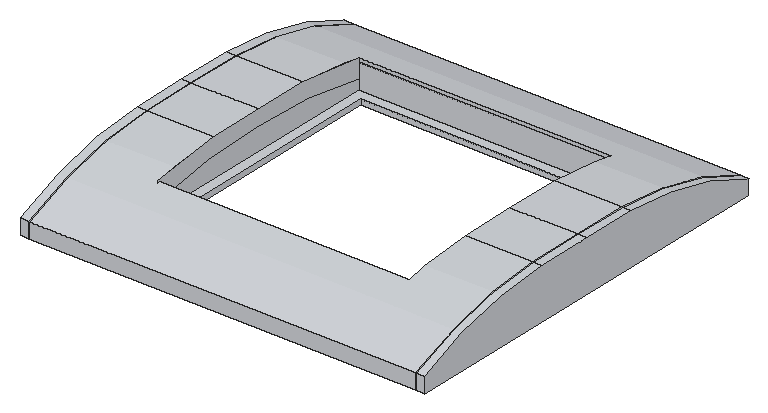
Revit family "Gira_0211733", category Electrical Fixtures, host Face, Revit 2017
Family settings
  Host = Face
  Maintain Annotation Orientation = No
  Round Connector Dimension = Use Diameter
  Part Type = Normal
  Cut with Voids When Loaded = No
  Shared = No
  Room Calculation Point = No
Parameters (values of type "Cov.fr. 1-g interm.fr. PW Gira Event Clear black")
  URL = "http://katalog.gira.de/en/datenblatt.html?artikelnr=0211733"
  Transparent = "No"
  Name = "Cov.fr. 1-g interm.fr. PW Gira Event Clear black"
  Manufacturer URL = "https://www.gira.de/"
  Manufacturer = "Gira"
  Label space/information surface = "No"
  Keynote = ""
  HeinzeBIM = "https://bimportal.heinze.de/bim/cov-fr-1-g-interm-fr-pw-gira-event-clear-black/39662db09747aa0a77a598c68d48e039478425cf"
  HAN = "0211733"
  GTIN = "4010337068808"
  Description = "Cov.fr.1g i.fr.PW EvCl BK,Gira Event Clear cover frame,black with pure white glossy intermediate frame,1-gang,Features:,- Shatter-proof."
  Default Elevation = 1219.2 mm
  Data sheet (1) = "https://katalog.gira.de/en/download.html?artikelnr=0211733"
  Category = "Cover frame for domestic switching devices"
  BIM (1) = "https://media.stage.bim.site/public/gira/36a6b08/Event_Rahmen_1fach.rfa"
  Available = "No"
Reference planes
  plane 1 "Center (Front/Back)": y = 0
  plane 2: z = 0
  plane 3 "Center (Left/Right)": x = 0
Forms (mm)
  Extrusion 1, solid, detail levels fine
    sketch origin (0, 0, 1.55) x (0, 1, 0) y (0, 0, 1)
      loop
        arc (12.445, 9.683) -> (6.223, 9.833) -> (0, 9.85) r 291.636
        arc (0, 9.85) -> (-6.223, 9.833) -> (-12.445, 9.683) r 291.636
        arc (-12.445, 9.683) -> (-29.14, 7.482) -> (-45, 1.823) r 79.728
        line (-45, 1.823) -> (-45, -1.55) -> (-41.777, -1.55) -> (-41.777, -0.55)
        arc (-41.777, -0.55) -> (-21.205, 4.846) -> (0, 6.467) r 118.15
        arc (0, 6.467) -> (21.205, 4.846) -> (41.777, -0.55) r 118.15
        line (41.777, -0.55) -> (41.777, -1.55) -> (45, -1.55) -> (45, 1.823)
        arc (45, 1.823) -> (29.14, 7.482) -> (12.445, 9.683) r 79.728
    from -43 to 43
  Extrusion 2, void, detail levels fine
    sketch origin (0, 0, 0) x (1, 0, 0) y (0, 1, 0)
      loop
        line (-28, -28) -> (28, -28) -> (28, 28) -> (-28, 28) -> (-28, -28)
    from 2.85 to 12
  Extrusion 3, solid, detail levels coarse
    sketch origin (0, 0, 0) x (1, 0, 0) y (0, 1, 0)
      loop
        line (-45, 45) -> (-45, -45) -> (45, -45) -> (45, 45) -> (-45, 45)
    from 0 to 11.4
  Extrusion 4, solid, detail levels medium
    sketch origin (0, 0, 1.55) x (0, 1, 0) y (0, 0, 1)
      loop
        arc (12.445, 9.683) -> (6.223, 9.833) -> (0, 9.85) r 291.636
        arc (0, 9.85) -> (-6.223, 9.833) -> (-12.445, 9.683) r 291.636
        arc (-12.445, 9.683) -> (-29.14, 7.482) -> (-45, 1.823) r 79.728
        line (-45, 1.823) -> (-45, -1.55) -> (45, -1.55) -> (45, 1.823)
        arc (45, 1.823) -> (29.14, 7.482) -> (12.445, 9.683) r 79.728
    from -45 to 45
  Extrusion 5, solid, detail levels fine
    sketch origin (0, 0, 0) x (0, 1, 0) y (0, 0, 1)
      loop
        arc (45, 3.373) -> (29.14, 9.032) -> (12.445, 11.233) r 79.728
        arc (12.445, 11.233) -> (6.223, 11.383) -> (0, 11.4) r 291.636
        arc (0, 11.4) -> (-6.223, 11.383) -> (-12.445, 11.233) r 291.636
        arc (-12.445, 11.233) -> (-29.14, 9.032) -> (-45, 3.373) r 79.728
        line (-45, 3.373) -> (-45, 0) -> (45, 0) -> (45, 3.373)
    from 43 to 45
  Extrusion 6, solid, detail levels fine
    sketch origin (0, 0, 0) x (0, 1, 0) y (0, 0, -1)
      loop
        line (45, -3.373) -> (45, 0) -> (-45, 0) -> (-45, -3.373)
        arc (-45, -3.373) -> (-29.14, -9.032) -> (-12.445, -11.233) r 79.728
        arc (-12.445, -11.233) -> (-6.223, -11.383) -> (0, -11.4) r 291.636
        arc (0, -11.4) -> (6.223, -11.383) -> (12.445, -11.233) r 291.636
        arc (12.445, -11.233) -> (29.14, -9.032) -> (45, -3.373) r 79.728
    from 43 to 45
  Extrusion 7, solid, detail levels fine
    sketch origin (0, 0, 0) x (1, 0, 0) y (0, 1, 0)
      loop
        line (-25.7, 25.7) -> (-25.7, -25.7) -> (25.7, -25.7) -> (25.7, 25.7) -> (-25.7, 25.7)
      loop
        line (-29.495, 27.895) -> (-29.495, -27.895)
        spline (-29.495, -27.895) -> (-29.486, -28.025) -> (-29.461, -28.154) -> (-29.419, -28.278) -> (-29.361, -28.395) -> (-29.288, -28.504) -> (-29.202, -28.602) -> (-29.104, -28.688) -> (-28.995, -28.761) -> (-28.878, -28.819) -> (-28.754, -28.861) -> (-28.625, -28.886) -> (-28.495, -28.895)
        line (-28.495, -28.895) -> (28.495, -28.895)
        spline (28.495, -28.895) -> (28.625, -28.886) -> (28.754, -28.861) -> (28.878, -28.819) -> (28.995, -28.761) -> (29.104, -28.688) -> (29.202, -28.602) -> (29.288, -28.504) -> (29.361, -28.395) -> (29.419, -28.278) -> (29.461, -28.154) -> (29.486, -28.025) -> (29.495, -27.895)
        line (29.495, -27.895) -> (29.495, 27.895)
        spline (29.495, 27.895) -> (29.486, 28.025) -> (29.461, 28.154) -> (29.419, 28.278) -> (29.361, 28.395) -> (29.288, 28.504) -> (29.202, 28.602) -> (29.104, 28.688) -> (28.995, 28.761) -> (28.878, 28.819) -> (28.754, 28.861) -> (28.625, 28.886) -> (28.495, 28.895)
        line (28.495, 28.895) -> (-28.495, 28.895)
        spline (-28.495, 28.895) -> (-28.625, 28.886) -> (-28.754, 28.861) -> (-28.878, 28.819) -> (-28.995, 28.761) -> (-29.104, 28.688) -> (-29.202, 28.602) -> (-29.288, 28.504) -> (-29.361, 28.395) -> (-29.419, 28.278) -> (-29.461, 28.154) -> (-29.486, 28.025) -> (-29.495, 27.895)
    from 1.673 to 8.5
Cuts and joins
  Extrusion 2 cuts Extrusion 1
  Extrusion 2 cuts Extrusion 7
Dimensions and locks
  aligned and locked: plane 2 to host face
  aligned and locked: level to host face
